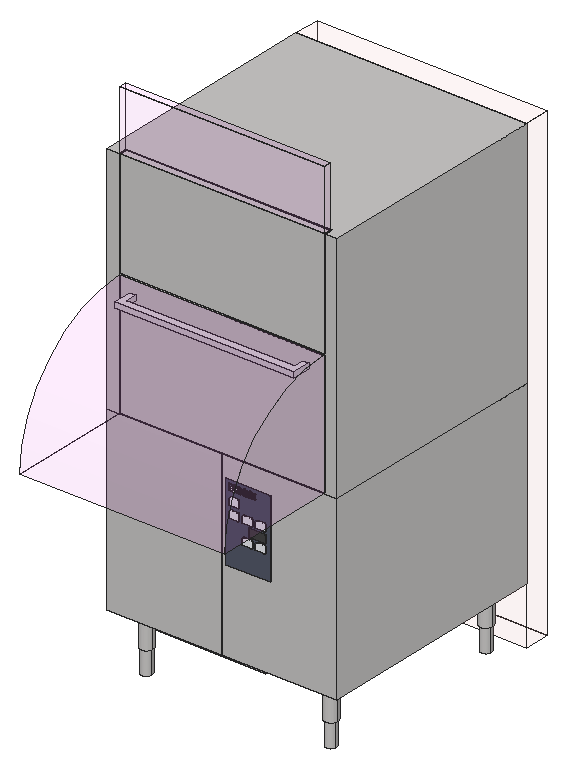
Revit family "QF_ELECTROLUXPROFESSIONAL_506048_EPPWESG", category Attrezzature speciali, Revit 2020
Family settings
  Quota connettore circolare = Usa diametro
  Tipo di parte = Normale
  Basato su piano di lavoro = No
  Sempre verticale = Sì
  Taglio con vuoti quando caricato = No
  Condiviso = No
  Punto di calcolo locali = No
Parameters (values of type "Standard")
  Weight = 200.00 kg
  Watts = 13000 W
  Volts = 400 V
  URL Manufacturer = "https://www.electroluxprofessional.com/"
  URL = "https://www.electroluxprofessional.com/"
  Steam Supply Size = 0 mm
  Steam Supply Minimum Pressure = 0.0 Pa
  Steam Supply Maximum Pressure = 0.0 Pa
  Steam Consumption per Hour = 0
  Show Logo [instance] = yes
  Show Clearance [instance] = yes
  Refrigeration Suction Line Size = 0 mm
  Refrigeration Liquid Line Size = 0 mm
  Refrigerant Compressor Remote = yes
  Prospetto di default = 0 mm
  Produttore = "Electrolux Professional"
  Phase = 3
  Modello = "EPPWESG"
  Length Actual = 876 mm  # constant formula
  Item Number = "506048"
  Hot Water Size = 19.05 mm
  Height Actual = 1791 mm  # constant formula
  HP = "17.4 HP"
  Gas Size = 0 mm
  Gas KW = 0
  Gas Input Pressure = 0 W
  Direct Waste Size = 20 mm
  Descrizione = "ELEC.POT&PAN WASHER+D.PUMP+DET-900MM"
  Depth Actual = 900 mm  # constant formula
  Cycle = 50 Hz
  Condensate Return Size = 0 mm
  Compressed Air Volume = 0.0 L/s
  Compressed Air Size = 0 mm
  Compressed Air Pressure = 0.0 Pa
  Cold Water Size = 19.05 mm
  Accessory = yes
Reference planes
  plane 1 "Center (Front/Back)": y = 0
  plane 2: z = 0
  plane 3: x = -63
  plane 4 "LEFT": x = -501
  plane 5: x = 375
  plane 6: y = -450
  plane 7 "BACK": y = 450
  plane 8: z = 220
  plane 9: z = 115
  plane 10: z = 1791
Forms (mm)
  Extrusion 1, solid, material "QF_Finishes_Stainless Steel"
    sketch origin (88.519, -3.5, 0) x (1, 0, 0) y (0, 1, 0)
      loop
        line (-534.519, -88.5) -> (-534.519, -308.5) -> (-94.519, -308.5) -> (-94.519, -88.5) -> (-534.519, -88.5)
    from 115 to 220
  Extrusion 2, solid, material "QF_Finishes_Stainless Steel"
    sketch origin (0, 0, 0) x (1, 0, 0) y (0, 1, 0)
      loop
        line (-501, 450) -> (-501, -450) -> (-63, -450) -> (-63, 450) -> (-501, 450)
    from 220 to 904
  Extrusion 3, solid, material "QF_Finishes_Stainless Steel"
    sketch origin (0, 0, 0) x (1, 0, 0) y (0, 1, 0)
      loop
        line (-63, 450) -> (-63, -450) -> (375, -450) -> (375, 450) -> (-63, 450)
    from 220 to 904
  Extrusion 4, solid, material "QF_Finishes_Stainless Steel"
    sketch origin (0, 0, 0) x (1, 0, 0) y (0, 1, 0)
      loop
        line (-501, 450) -> (-501, -450) -> (-453, -450) -> (-453, -418) -> (327, -418) -> (327, -450) -> (375, -450) -> (375, 450) -> (-501, 450)
    from 904 to 1791
  Extrusion 5, solid, material "QF_Finishes_Stainless Steel"
    sketch origin (0, 0, 0) x (1, 0, 0) y (0, 1, 0)
      loop
        line (-453, -450) -> (327, -450) -> (327, -420) -> (-453, -420) -> (-453, -450)
    from 909 to 1377.938
  Extrusion 6, solid, material "QF_Finishes_Stainless Steel"
    sketch origin (0, 0, 0) x (1, 0, 0) y (0, 1, 0)
      loop
        line (-453, -450) -> (327, -450) -> (327, -420) -> (-453, -420) -> (-453, -450)
    from 1384.114 to 1791
  Extrusion 7, solid, material "QF_Finishes_Door Clearance", visible <- "Show Clearance"
    sketch origin (-229, -650, 546.718) x (0, 1, 0) y (0, 0, -1)
      loop
        line (200, -357.282) -> (-274, -357.282)
        arc (-274, -357.282) -> (-135.169, -692.45) -> (200, -831.282) r 474
        line (200, -831.282) -> (200, -357.282)
    from 224 to -556
  Extrusion 8, solid, material "QF_Finishes_Door Clearance", visible <- "Show Clearance"
    sketch origin (-229, -650, 1221.218) x (0, 1, 0) y (0, 0, -1)
      loop
        line (200, -569.782) -> (200, -798.782) -> (230, -798.782) -> (230, -569.782) -> (200, -569.782)
    from 224 to -556
  Extrusion 9, solid, material "QF_Finishes_Clearance", visible <- "Show Clearance"
    sketch origin (0, 0, 0) x (1, 0, 0) y (0, 1, 0)
      loop
        line (-501, 450) -> (375, 450) -> (375, 550) -> (-501, 550) -> (-501, 450)
    from 0 to 1791
  Extrusion 10, solid, material "QF_Finishes_Stainless Steel"
    sketch origin (-756.159, 1152.464, 214.383) x (1, 0, 0) y (0, 1, 0)
      loop
        circle (701.159, -772.464) r 10
    from -9.383 to 5.617
  Extrusion 11, solid, material "QF_Finishes_Stainless Steel"
    sketch origin (207.404, -238.023, 218) x (0, -1, 0) y (1, 0, 0)
      loop
        line (-163.023, 6.596) -> (-163.023, 26.596) -> (-183.023, 26.596) -> (-183.023, 6.596) -> (-163.023, 6.596)
    from 0 to 2
  Extrusion 12, solid, material "QF_Finishes_Stainless Steel"
    sketch origin (-127.596, 216.977, 218) x (0, -1, 0) y (1, 0, 0)
      loop
        line (-163.023, 6.596) -> (-163.023, 26.596) -> (-183.023, 26.596) -> (-183.023, 6.596) -> (-163.023, 6.596)
    from 0 to 2
  Extrusion 13, solid, material "QF_Finishes_Stainless Steel"
    sketch origin (-526.159, 606.464, 214.383) x (1, 0, 0) y (0, 1, 0)
      loop
        circle (701.159, -772.464) r 10
    from -9.383 to 5.617
  Extrusion 14, solid, material "QF_Finishes_Stainless Steel"
    sketch origin (-456.159, 516.464, 214.383) x (1, 0, 0) y (0, 1, 0)
      loop
        circle (701.159, -772.464) r 10
    from -9.383 to 5.617
Dimensions and locks
  equal spacing: plane 7 "BACK", plane 1 "Center (Front/Back)", plane 6
  plane 7 "BACK" to plane 6 = 900 mm  (x2)
  plane 4 "LEFT" to plane 5 = 876 mm
  equal spacing: Extrusion 2, Extrusion 4 sketch curve, Extrusion 4 sketch curve, Extrusion 4 sketch curve
  equal spacing: plane 5, plane 3, plane 4 "LEFT"
  plane 8 to level = 220 mm
  Extrusion 1 to Extrusion 1 = 220 mm
  Extrusion 1 to nested 2 to plane 6 = 59 mm, 79 mm
  Extrusion 9 to nested 1 to nested 2 = 83 mm, 738 mm
  plane 10 to level = 1791 mm
  Extrusion 8 to level = 2020 mm
  Extrusion 9 to Extrusion 7 = 1374 mm
  level to Extrusion 4 = 904 mm
  aligned and locked: level to plane 2
  aligned and locked: plane 8 to Extrusion 1
  aligned and locked: Extrusion 1 to plane 9
  aligned and locked: Extrusion 2 to plane 6
  aligned and locked: plane 7 "BACK" to Extrusion 2
  aligned and locked: Extrusion 2 to plane 4 "LEFT"
  aligned and locked: Extrusion 3 sketch curve to Extrusion 2  (x2)
  aligned and locked: plane 6 to Extrusion 3 sketch curve
  aligned and locked: Extrusion 3 sketch curve to plane 5
  aligned and locked: Extrusion 2 to plane 8
  aligned and locked: Extrusion 3 to plane 8
  aligned and locked: Extrusion 4 sketch curve to Extrusion 2  (x2)
  aligned and locked: Extrusion 5 sketch curve to plane 6
  aligned and locked: Extrusion 6 sketch curve to Extrusion 5  (x4)
  aligned and locked: Extrusion 6 to Extrusion 8 sketch curve
  aligned and locked: Extrusion 8 to Extrusion 6  (x2)
Automatic sketch dimensions
  plane 4 "LEFT" to Extrusion 1 sketch curve = 55 mm
  plane 3 to Extrusion 1 sketch curve = 57 mm
  plane 6 to Extrusion 1 sketch curve = 138 mm
  plane 1 "Center (Front/Back)" to Extrusion 1 sketch curve = 92 mm
  Extrusion 2 sketch curve to plane 4 "LEFT" = 0 mm
  Extrusion 2 sketch curve to plane 3 = 0 mm
  Extrusion 2 sketch curve to plane 6 = 0 mm
  Extrusion 2 sketch curve to plane 7 "BACK" = 0 mm
  Extrusion 4 sketch curve to plane 6 = 0 mm  (x2)
  Extrusion 4 sketch curve to plane 5 = 0 mm
  plane 4 "LEFT" to Extrusion 4 sketch curve = 48 mm
  Extrusion 4 sketch curve to Extrusion 4 sketch curve = 48 mm
  Extrusion 4 sketch curve to Extrusion 4 sketch curve = 32 mm
  plane 4 "LEFT" to Extrusion 5 sketch curve = 48 mm
  Extrusion 5 sketch curve to plane 5 = 48 mm
  Extrusion 5 sketch curve to Extrusion 5 sketch curve = 30 mm
  Extrusion 7 sketch curve to plane 6 = 0 mm
  Extrusion 7 sketch curve to plane 6 = 474 mm
  plane 10 to Extrusion 7 sketch curve = 413 mm
  Extrusion 8 sketch curve to plane 6 = 0 mm
  plane 10 to Extrusion 8 sketch curve = 0 mm
  Extrusion 8 sketch curve to Extrusion 8 sketch curve = 229 mm
  Extrusion 9 sketch curve to plane 4 "LEFT" = 0 mm
  Extrusion 9 sketch curve to plane 5 = 0 mm
  Extrusion 9 sketch curve to plane 7 "BACK" = 0 mm
  Extrusion 9 sketch curve to Extrusion 9 sketch curve = 100 mm
  Extrusion 10 sketch curve to plane 5 = 430 mm
  Extrusion 10 sketch curve to plane 7 "BACK" = 70 mm
  Extrusion 11 sketch curve to plane 7 "BACK" = 505 mm
  Extrusion 11 sketch curve to Extrusion 11 sketch curve = 20 mm  (x2)
  Extrusion 11 sketch curve to plane 5 = 161 mm
  Extrusion 12 sketch curve to plane 1 "Center (Front/Back)" = 400 mm
  Extrusion 12 sketch curve to Extrusion 12 sketch curve = 20 mm  (x2)
  Extrusion 12 sketch curve to plane 5 = 496 mm
  Extrusion 13 sketch curve to plane 5 = 200 mm
  Extrusion 13 sketch curve to plane 7 "BACK" = 616 mm
  Extrusion 14 sketch curve to plane 5 = 130 mm
  Extrusion 14 sketch curve to plane 7 "BACK" = 706 mm
  radius of Extrusion 10 sketch curve = 10 mm
  radius of Extrusion 13 sketch curve = 10 mm
  radius of Extrusion 14 sketch curve = 10 mm
Nested families
  nested 1: "Piedino H220 - DISHWASHING" at (288, 367, 0), type "Piedino H220 - DISHWASHING"
    with H 200 mm
  nested 2: "Piedino H220 - DISHWASHING" at (288, -371, 0), type "Piedino H220 - DISHWASHING"
    with H 200 mm
  nested 3: "Piedino H220 - DISHWASHING" at (-414, 367, 0) x (-1, 0, 0) z (0, 0, 1), type "Piedino H220 - DISHWASHING"
    with H 200 mm
  nested 4: "Piedino H220 - DISHWASHING" at (-414, -371, 0) x (-1, 0, 0) z (0, 0, 1), type "Piedino H220 - DISHWASHING"
    with H 200 mm
  nested 5: "MANIGLIA_DISHWASHING_SQUARE" at (-73, -450, 1321) x (1, 0, 0) z (0, -1, 0), type "MANIGLIA_DISHWASHING_SQUARE"
  nested 6: "Tastierino_LARGE_ROUNCORNER_DISHWASHING_BLUE" at (37, -450, 680) x (-1, 0, 0) z (0, -1, 0), type "Tastierino_LARGE_ROUNCORNER_DISHWASHING_BLUE"
    with Show Logo yes
  nested 7: "ELX_LOGO_MONO_SMALL_WHITE" at (-34.92, -450.8, 755) x (-1, 0, 0) z (0, -1, 0), type "ELX_LOGO_MONO_SMALL_WHITE"
    with Show Logo yes
  nested 8: "ELX_LOGO_WORDS_WHITE" at (27, -450.8, 804.211) x (1, 0, 0) z (0, -1, 0), type "ELX_LOGO_WORDS_WHITE"
    with Show Logo yes
Connectors
  piping at (-55, 380, 205), diameter 12.9
    settings: on Extrusion 10, index 48, connector inside diameter 609.6 mm, connector length 0 mm, flow factor 0, pipe flow 0.0 L/s, pressure drop 0.0 Pa, fitting loss kfactor 0, connector angle 0.00°, fixture units 0, engagement length 0 mm, angle of deflection 0.00°, flow configuration 0, flow direction 0, fitting loss method 0, system type 29, joint type 0, gender type 0, connector reference index -1, connector utility 0, adjustable connector no, is connector primary yes, connector description "D"
  electrical at (224, -65, 218)
    settings: on Extrusion 11, index 49, voltage 0 V, apparent load 0 VA, apparent load phase1 0 VA, apparent load phase2 0 VA, apparent load phase3 0 VA, power factor 1, load classification "Altro", number of poles 1, system type 30, power factor state 1, is connector primary yes, connector utility no, sub classification motor no, connector description "EI"
  electrical at (-111, 390, 218)
    settings: on Extrusion 12, index 50, voltage 0 V, apparent load 0 VA, apparent load phase1 0 VA, apparent load phase2 0 VA, apparent load phase3 0 VA, power factor 1, load classification "Altro", number of poles 1, system type 30, power factor state 1, is connector primary no, connector utility no, sub classification motor no, connector description "EQ"
  piping at (175, -166, 205), diameter 12.9
    settings: on Extrusion 13, index 51, connector inside diameter 609.6 mm, connector length 0 mm, flow factor 0, pipe flow 0.0 L/s, pressure drop 0.0 Pa, fitting loss kfactor 0, connector angle 0.00°, fixture units 0, engagement length 0 mm, angle of deflection 0.00°, flow configuration 0, flow direction 0, fitting loss method 0, system type 29, joint type 0, gender type 0, connector reference index -1, connector utility 0, adjustable connector no, is connector primary no, connector description "HWI"
  piping at (245, -256, 205), diameter 12.9
    settings: on Extrusion 14, index 52, connector inside diameter 609.6 mm, connector length 0 mm, flow factor 0, pipe flow 0.0 L/s, pressure drop 0.0 Pa, fitting loss kfactor 0, connector angle 0.00°, fixture units 0, engagement length 0 mm, angle of deflection 0.00°, flow configuration 0, flow direction 0, fitting loss method 0, system type 29, joint type 0, gender type 0, connector reference index -1, connector utility 0, adjustable connector no, is connector primary no, connector description "XD/XR"
Definition of nested family "Piedino H220 - DISHWASHING"
  Parameters (values of type "Piedino H220 - DISHWASHING")
    Default Elevation = 0 mm
    H [instance] = 200 mm
  Reference planes
    plane 1 "Centro (Fronte/Retro)": y = 0
    plane 2: z = 0
    plane 3 "Centro (Sinistra/Destra)": x = 0
    plane 4: z = 70.047
  Forms (mm)
    Revolve 1, solid
      sketch origin (55, 0, 0) x (-1, 0, 0) y (0, 0, -1)
        loop
          line (35, 0) -> (35, -90) -> (30, -90) -> (30, -220) -> (55, -220) -> (55, 0) -> (35, 0)
        axis (55, 0) -> (55, -220)
      angle from 0 to 360
  Dimensions and locks
    aligned and locked: level to plane 2
Definition of nested family "MANIGLIA_DISHWASHING_SQUARE"
  Parameters
    Default Elevation = 1219.2 mm
  Reference planes
    plane 1 "Centro (Fronte/Retro)": y = 0
    plane 2: z = 0
    plane 3 "Centro (Sinistra/Destra)": x = 0
    plane 4: z = 72
    plane 5: x = -340
    plane 6: x = 340
  Forms (mm)
    Extrusion 1, solid
      sketch origin (0, 0, 0) x (1, 0, 0) y (0, 1, 0)
        loop
          line (-1219.2, 1219.2) -> (-1219.2, -1219.2) -> (1219.2, -1219.2) -> (1219.2, 1219.2) -> (-1219.2, 1219.2)
      from 0 to -304.8
    Extrusion 2, solid
      sketch origin (0, 10.003, 0) x (1, 0, 0) y (0, 0, 1)
        loop
          line (-340, 0) -> (-320, 0) -> (-320, 42) -> (320, 42) -> (320, 0) -> (340, 0) -> (340, 72) -> (-340, 72) -> (-340, 0)
      from 0 to 20.005
  Dimensions and locks
    aligned and locked: plane 2 to Extrusion 1
    aligned and locked: level to Extrusion 1
Definition of nested family "Tastierino_LARGE_ROUNCORNER_DISHWASHING_BLUE"
  Parameters
    Show Logo [instance] = yes
    Default Elevation = 1219.2 mm
  Reference planes
    plane 1 "Centro (Fronte/Retro)": y = 0
    plane 2: z = 0
    plane 3 "Centro (Sinistra/Destra)": x = 0
  Forms (mm)
    Extrusion 1, solid
      sketch origin (0, 0, 0) x (1, 0, 0) y (0, 1, 0)
        loop
          line (-1219.2, 1219.2) -> (-1219.2, -1219.2) -> (1219.2, -1219.2) -> (1219.2, 1219.2) -> (-1219.2, 1219.2)
      from 0 to -304.8
    Extrusion 2, solid
      sketch origin (0, 0, 0) x (1, 0, 0) y (0, 1, 0)
        loop
          line (-84.444, 147.62) -> (-84.444, -147.62) -> (84.444, -147.62) -> (84.444, 147.62) -> (-84.444, 147.62)
        loop
          arc (-63.183, 58.723) -> (-64.598, 58.137) -> (-65.183, 56.723) r 2
          line (-65.183, 56.723) -> (-65.183, 30.723)
          arc (-65.183, 30.723) -> (-64.598, 29.308) -> (-63.183, 28.723) r 2
          line (-63.183, 28.723) -> (-40.183, 28.723)
          arc (-40.183, 28.723) -> (-29.577, 33.116) -> (-25.183, 43.723) r 15
          line (-25.183, 43.723) -> (-25.183, 56.723)
          arc (-25.183, 56.723) -> (-25.769, 58.137) -> (-27.183, 58.723) r 2
          line (-27.183, 58.723) -> (-63.183, 58.723)
        loop
          line (-65.183, 22.208) -> (-65.183, -7.792) -> (0, -7.792) -> (0, 22.208) -> (-65.183, 22.208)
        loop
          arc (-13.183, 58.723) -> (-14.598, 58.137) -> (-15.183, 56.723) r 2
          line (-15.183, 56.723) -> (-15.183, 30.723)
          arc (-15.183, 30.723) -> (-14.598, 29.308) -> (-13.183, 28.723) r 2
          line (-13.183, 28.723) -> (9.817, 28.723)
          arc (9.817, 28.723) -> (20.423, 33.116) -> (24.817, 43.723) r 15
          line (24.817, 43.723) -> (24.817, 56.723)
          arc (24.817, 56.723) -> (24.231, 58.137) -> (22.817, 58.723) r 2
          line (22.817, 58.723) -> (-13.183, 58.723)
        loop
          arc (-63.183, -16.277) -> (-64.598, -16.863) -> (-65.183, -18.277) r 2
          line (-65.183, -18.277) -> (-65.183, -44.277)
          arc (-65.183, -44.277) -> (-64.598, -45.692) -> (-63.183, -46.277) r 2
          line (-63.183, -46.277) -> (-40.183, -46.277)
          arc (-40.183, -46.277) -> (-29.577, -41.884) -> (-25.183, -31.277) r 15
          line (-25.183, -31.277) -> (-25.183, -18.277)
          arc (-25.183, -18.277) -> (-25.769, -16.863) -> (-27.183, -16.277) r 2
          line (-27.183, -16.277) -> (-63.183, -16.277)
        loop
          arc (-13.183, -16.277) -> (-14.598, -16.863) -> (-15.183, -18.277) r 2
          line (-15.183, -18.277) -> (-15.183, -44.277)
          arc (-15.183, -44.277) -> (-14.598, -45.692) -> (-13.183, -46.277) r 2
          line (-13.183, -46.277) -> (9.817, -46.277)
          arc (9.817, -46.277) -> (20.423, -41.884) -> (24.817, -31.277) r 15
          line (24.817, -31.277) -> (24.817, -18.277)
          arc (24.817, -18.277) -> (24.231, -16.863) -> (22.817, -16.277) r 2
          line (22.817, -16.277) -> (-13.183, -16.277)
        loop
          arc (36.817, -16.277) -> (35.402, -16.863) -> (34.817, -18.277) r 2
          line (34.817, -18.277) -> (34.817, -44.277)
          arc (34.817, -44.277) -> (35.402, -45.692) -> (36.817, -46.277) r 2
          line (36.817, -46.277) -> (59.817, -46.277)
          arc (59.817, -46.277) -> (70.423, -41.884) -> (74.817, -31.277) r 15
          line (74.817, -31.277) -> (74.817, -18.277)
          arc (74.817, -18.277) -> (74.231, -16.863) -> (72.817, -16.277) r 2
          line (72.817, -16.277) -> (36.817, -16.277)
        loop
          arc (36.817, -61.277) -> (35.402, -61.863) -> (34.817, -63.277) r 2
          line (34.817, -63.277) -> (34.817, -89.277)
          arc (34.817, -89.277) -> (35.402, -90.692) -> (36.817, -91.277) r 2
          line (36.817, -91.277) -> (59.817, -91.277)
          arc (59.817, -91.277) -> (70.423, -86.884) -> (74.817, -76.277) r 15
          line (74.817, -76.277) -> (74.817, -63.277)
          arc (74.817, -63.277) -> (74.231, -61.863) -> (72.817, -61.277) r 2
          line (72.817, -61.277) -> (36.817, -61.277)
      from 0 to 0.8
    Extrusion 3, solid
      sketch origin (0, 0, 0) x (1, 0, 0) y (0, 1, 0)
        loop
          line (-65.183, 22.208) -> (-65.183, -7.792) -> (0, -7.792) -> (0, 22.208) -> (-65.183, 22.208)
      from 0 to 0.8
    Extrusion 4, solid
      sketch origin (0, 0, 0) x (1, 0, 0) y (0, 1, 0)
        loop
          arc (-63.183, 58.723) -> (-64.598, 58.137) -> (-65.183, 56.723) r 2
          line (-65.183, 56.723) -> (-65.183, 30.723)
          arc (-65.183, 30.723) -> (-64.598, 29.308) -> (-63.183, 28.723) r 2
          line (-63.183, 28.723) -> (-40.183, 28.723)
          arc (-40.183, 28.723) -> (-29.577, 33.116) -> (-25.183, 43.723) r 15
          line (-25.183, 43.723) -> (-25.183, 56.723)
          arc (-25.183, 56.723) -> (-25.769, 58.137) -> (-27.183, 58.723) r 2
          line (-27.183, 58.723) -> (-63.183, 58.723)
        loop
          arc (-13.183, 58.723) -> (-14.598, 58.137) -> (-15.183, 56.723) r 2
          line (-15.183, 56.723) -> (-15.183, 30.723)
          arc (-15.183, 30.723) -> (-14.598, 29.308) -> (-13.183, 28.723) r 2
          line (-13.183, 28.723) -> (9.817, 28.723)
          arc (9.817, 28.723) -> (20.423, 33.116) -> (24.817, 43.723) r 15
          line (24.817, 43.723) -> (24.817, 56.723)
          arc (24.817, 56.723) -> (24.231, 58.137) -> (22.817, 58.723) r 2
          line (22.817, 58.723) -> (-13.183, 58.723)
        loop
          arc (-63.183, -16.277) -> (-64.598, -16.863) -> (-65.183, -18.277) r 2
          line (-65.183, -18.277) -> (-65.183, -44.277)
          arc (-65.183, -44.277) -> (-64.598, -45.692) -> (-63.183, -46.277) r 2
          line (-63.183, -46.277) -> (-40.183, -46.277)
          arc (-40.183, -46.277) -> (-29.577, -41.884) -> (-25.183, -31.277) r 15
          line (-25.183, -31.277) -> (-25.183, -18.277)
          arc (-25.183, -18.277) -> (-25.769, -16.863) -> (-27.183, -16.277) r 2
          line (-27.183, -16.277) -> (-63.183, -16.277)
        loop
          arc (-13.183, -16.277) -> (-14.598, -16.863) -> (-15.183, -18.277) r 2
          line (-15.183, -18.277) -> (-15.183, -44.277)
          arc (-15.183, -44.277) -> (-14.598, -45.692) -> (-13.183, -46.277) r 2
          line (-13.183, -46.277) -> (9.817, -46.277)
          arc (9.817, -46.277) -> (20.423, -41.884) -> (24.817, -31.277) r 15
          line (24.817, -31.277) -> (24.817, -18.277)
          arc (24.817, -18.277) -> (24.231, -16.863) -> (22.817, -16.277) r 2
          line (22.817, -16.277) -> (-13.183, -16.277)
        loop
          arc (36.817, -16.277) -> (35.402, -16.863) -> (34.817, -18.277) r 2
          line (34.817, -18.277) -> (34.817, -44.277)
          arc (34.817, -44.277) -> (35.402, -45.692) -> (36.817, -46.277) r 2
          line (36.817, -46.277) -> (59.817, -46.277)
          arc (59.817, -46.277) -> (70.423, -41.884) -> (74.817, -31.277) r 15
          line (74.817, -31.277) -> (74.817, -18.277)
          arc (74.817, -18.277) -> (74.231, -16.863) -> (72.817, -16.277) r 2
          line (72.817, -16.277) -> (36.817, -16.277)
        loop
          arc (36.817, -61.277) -> (35.402, -61.863) -> (34.817, -63.277) r 2
          line (34.817, -63.277) -> (34.817, -89.277)
          arc (34.817, -89.277) -> (35.402, -90.692) -> (36.817, -91.277) r 2
          line (36.817, -91.277) -> (59.817, -91.277)
          arc (59.817, -91.277) -> (70.423, -86.884) -> (74.817, -76.277) r 15
          line (74.817, -76.277) -> (74.817, -63.277)
          arc (74.817, -63.277) -> (74.231, -61.863) -> (72.817, -61.277) r 2
          line (72.817, -61.277) -> (36.817, -61.277)
      from 0 to 0.8
  Dimensions and locks
    aligned and locked: plane 2 to Extrusion 1
    aligned and locked: level to Extrusion 1
Definition of nested family "ELX_LOGO_MONO_SMALL_WHITE"
  Parameters (values of type "ELX_LOGO_MONO_SMALL_WHITE")
    Show Logo [instance] = yes
    Default Elevation = 1219.2 mm
  Reference planes
    plane 1 "Center (Front/Back)": y = -49
    plane 2: z = 0
    plane 3 "Center (Left/Right)": x = -9.92
  Forms (mm)
    Extrusion 1, solid
      sketch origin (0, 0, 0) x (1, 0, 0) y (0, 1, 0)
        loop
          line (-1219.2, 1219.2) -> (-1219.2, -1219.2) -> (1219.2, -1219.2) -> (1219.2, 1219.2) -> (-1219.2, 1219.2)
      from 0 to -304.8
    Extrusion 2, solid, visible <- "Show Logo"
      sketch origin (84.462, 509.781, 0) x (1, 0, 0) y (0, 1, 0)
        loop
          line (-97.736, -569.727) -> (-97.736, -547.891)
          arc (-97.736, -547.891) -> (-105.808, -558.809) -> (-97.736, -569.727) r 11.42
        loop
          arc (-96.625, -569.727) -> (-87.544, -567.663) -> (-83.169, -559.442) r 11.191
          line (-83.169, -559.442) -> (-86.782, -559.442)
          arc (-86.782, -559.442) -> (-93.235, -562.062) -> (-96.625, -568.146) r 10.49
          line (-96.625, -568.146) -> (-96.625, -569.727)
        loop
          arc (-96.625, -549.472) -> (-93.235, -555.557) -> (-86.782, -558.176) r 10.49
          line (-86.782, -558.176) -> (-83.169, -558.176)
          arc (-83.169, -558.176) -> (-87.537, -549.888) -> (-96.625, -547.611) r 11.484
          line (-96.625, -547.611) -> (-96.625, -549.472)
        loop
          line (-82.34, -570.919) -> (-82.34, -546.65) -> (-106.642, -546.65) -> (-106.642, -570.919) -> (-82.34, -570.919)
      from 0 to 1.644
  Dimensions and locks
    aligned and locked: plane 2 to Extrusion 1
    aligned and locked: level to Extrusion 1
Definition of nested family "ELX_LOGO_WORDS_WHITE"
  Parameters (values of type "ELX_LOGO_WORDS_WHITE")
    Show Logo [instance] = yes
    Default Elevation = 0 mm
  Reference planes
    plane 1 "Centro (Fronte/Retro)": y = 0
    plane 2: z = 0
    plane 3 "Centro (Sinistra/Destra)": x = 0
  Forms (mm)
    Extrusion 1, solid
      sketch origin (0, 0, 0) x (1, 0, 0) y (0, 1, 0)
        loop
          line (-1219.2, 1219.2) -> (-1219.2, -1219.2) -> (1219.2, -1219.2) -> (1219.2, 1219.2) -> (-1219.2, 1219.2)
      from 0 to -304.8
    Extrusion 2, solid, visible <- "Show Logo"
      sketch origin (0, 0, 0) x (1, 0, 0) y (0, 1, 0)
        loop
          line (-30.234, 10.561) -> (-37.67, 10.561) -> (-37.67, 1.902)
          arc (-37.67, 1.902) -> (-36.691, -0.461) -> (-34.329, -1.439) r 3.341
          line (-34.329, -1.439) -> (-30.09, -1.439) -> (-30.09, 0.503) -> (-33.845, 0.503)
          arc (-33.845, 0.503) -> (-35.079, 0.92) -> (-35.604, 2.112) r 1.615
          line (-35.604, 2.112) -> (-35.604, 3.829) -> (-30.555, 3.829) -> (-30.555, 5.779) -> (-35.604, 5.779) -> (-35.604, 8.617) -> (-30.234, 8.617) -> (-30.234, 10.561)
        loop
          line (-28.622, 10.561) -> (-28.622, -1.439) -> (-26.555, -1.439) -> (-26.555, 10.561) -> (-28.622, 10.561)
        loop
          line (16.27, 10.561) -> (16.27, -1.439) -> (18.338, -1.439) -> (18.338, 10.561) -> (16.27, 10.561)
        loop
          line (-23.137, 2.393) -> (-16.354, 2.393)
          arc (-16.354, 2.393) -> (-17.415, 6.119) -> (-21.043, 7.478) r 4.298
          arc (-21.043, 7.478) -> (-24.239, 5.857) -> (-25.151, 2.393) r 4.373
          arc (-25.151, 2.393) -> (-23.951, -0.505) -> (-21.053, -1.705) r 4.097
          arc (-21.053, -1.705) -> (-18.799, -1.372) -> (-16.908, -0.099) r 5.15
          line (-16.908, -0.099) -> (-18.133, 1.125)
          arc (-18.133, 1.125) -> (-19.74, 0.161) -> (-21.607, 0.323) r 3.039
          arc (-21.607, 0.323) -> (-22.746, 1.081) -> (-23.137, 2.393) r 2.013
        loop
          line (-23.085, 3.846) -> (-18.431, 3.846)
          arc (-18.431, 3.846) -> (-19.084, 5.22) -> (-20.519, 5.727) r 1.983
          arc (-20.519, 5.727) -> (-22.175, 5.295) -> (-23.085, 3.846) r 2.321
        loop
          line (-8.297, 4.711) -> (-6.999, 6.009)
          arc (-6.999, 6.009) -> (-8.627, 7.187) -> (-10.604, 7.539) r 4.497
          arc (-10.604, 7.539) -> (-13.621, 6.437) -> (-15.204, 3.642) r 4.652
          arc (-15.204, 3.642) -> (-12.536, -1.257) -> (-7.072, -0.127) r 4.684
          line (-7.072, -0.127) -> (-8.363, 1.163)
          arc (-8.363, 1.163) -> (-11.149, 0.242) -> (-13.145, 2.393) r 2.714
          arc (-13.145, 2.393) -> (-13.006, 4.094) -> (-11.835, 5.335) r 2.578
          arc (-11.835, 5.335) -> (-9.96, 5.621) -> (-8.297, 4.711) r 2.961
        loop
          line (-5.73, 10.561) -> (-5.73, 2.36)
          arc (-5.73, 2.36) -> (-5.551, 1.13) -> (-5.09, -0.025) r 5.301
          arc (-5.09, -0.025) -> (-3.615, -1.198) -> (-1.746, -1.445) r 3.531
          line (-1.746, -1.445) -> (-1.746, 0.492)
          arc (-1.746, 0.492) -> (-2.302, 0.534) -> (-2.82, 0.74) r 1.862
          arc (-2.82, 0.74) -> (-3.484, 1.442) -> (-3.662, 2.393) r 1.713
          line (-3.662, 2.393) -> (-3.662, 5.362) -> (-1.785, 5.362) -> (-1.785, 7.24) -> (-3.662, 7.24) -> (-3.662, 10.561) -> (-5.73, 10.561)
        loop
          arc (2.004, 3.123) -> (2.152, 3.988) -> (2.578, 4.755) r 2.607
          arc (2.578, 4.755) -> (3.817, 5.391) -> (5.208, 5.362) r 2.84
          line (5.208, 5.362) -> (5.208, 7.349)
          arc (5.208, 7.349) -> (3.39, 7.177) -> (2.004, 5.989) r 3.016
          line (2.004, 5.989) -> (2.004, 7.24) -> (-0.046, 7.24) -> (-0.046, -1.439) -> (2.004, -1.439) -> (2.004, 3.123)
        loop
          circle (10.262, 2.899) r 4.599
        loop
          circle (10.262, 2.899) r 2.787
        loop
          arc (25.793, 2.175) -> (25.283, 0.772) -> (23.898, 0.213) r 1.835
          arc (23.898, 0.213) -> (22.514, 0.772) -> (22.004, 2.175) r 1.835
          line (22.004, 2.175) -> (22.004, 7.24) -> (19.919, 7.24) -> (19.919, 2.003)
          arc (19.919, 2.003) -> (21.105, -0.701) -> (23.898, -1.659) r 3.675
          arc (23.898, -1.659) -> (26.723, -0.672) -> (27.877, 2.088) r 3.675
          line (27.877, 2.088) -> (27.877, 7.24) -> (25.793, 7.24) -> (25.793, 2.175)
        loop
          line (29.126, 7.24) -> (32.128, 3.164) -> (28.83, -1.442) -> (31.052, -1.442) -> (33.241, 1.615) -> (35.462, -1.442) -> (37.67, -1.442) -> (34.419, 3.211) -> (37.392, 7.24) -> (35.135, 7.24) -> (33.234, 4.663) -> (31.362, 7.24) -> (29.126, 7.24)
        loop
          line (-35.875, -6.414) -> (-37.523, -6.414) -> (-37.523, -10.564) -> (-36.621, -10.564) -> (-36.621, -9.135) -> (-35.625, -9.135)
          arc (-35.625, -9.135) -> (-34.509, -7.66) -> (-35.875, -6.414) r 1.372
        loop
          arc (-35.664, -8.32) -> (-35.322, -7.786) -> (-35.664, -7.253) r 0.587
          line (-35.664, -7.253) -> (-36.621, -7.253) -> (-36.621, -8.32) -> (-35.664, -8.32)
        loop
          line (-29.363, -6.414) -> (-31.04, -6.414) -> (-31.04, -10.564) -> (-30.138, -10.564) -> (-30.138, -9.135) -> (-29.265, -9.135) -> (-28.669, -10.564) -> (-27.7, -10.564) -> (-28.516, -8.814)
          arc (-28.516, -8.814) -> (-28.125, -8.347) -> (-27.994, -7.752) r 1.281
          arc (-27.994, -7.752) -> (-28.406, -6.804) -> (-29.363, -6.414) r 1.37
        loop
          line (-30.138, -7.253) -> (-30.138, -8.32) -> (-29.18, -8.32)
          arc (-29.18, -8.32) -> (-28.839, -7.786) -> (-29.18, -7.253) r 0.587
          line (-29.18, -7.253) -> (-30.138, -7.253)
        loop
          circle (-22.402, -8.489) r 2.156
        loop
          circle (-22.402, -8.489) r 1.368
        loop
          line (-16.703, -6.414) -> (-16.703, -10.564) -> (-15.823, -10.564) -> (-15.823, -9.114) -> (-14.261, -9.114) -> (-14.261, -8.184) -> (-15.823, -8.184) -> (-15.823, -7.308) -> (-14.111, -7.308) -> (-14.111, -6.414) -> (-16.703, -6.414)
        loop
          line (-10.611, -6.414) -> (-10.611, -9.216)
          arc (-10.611, -9.216) -> (-10.229, -10.166) -> (-9.284, -10.561) r 1.327
          line (-9.284, -10.561) -> (-7.945, -10.561) -> (-7.945, -9.777) -> (-9.204, -9.777)
          arc (-9.204, -9.777) -> (-9.668, -9.394) -> (-9.759, -8.799) r 0.845
          line (-9.759, -8.799) -> (-8.1, -8.799) -> (-8.1, -8.015) -> (-9.759, -8.015) -> (-9.759, -7.198) -> (-7.985, -7.198) -> (-7.985, -6.414) -> (-10.611, -6.414)
        loop
          arc (4.417, -6.94) -> (3.867, -6.489) -> (3.171, -6.345) r 1.485
          arc (3.171, -6.345) -> (2.528, -6.503) -> (2, -6.902) r 1.645
          arc (2, -6.902) -> (1.902, -7.844) -> (2.51, -8.571) r 1.217
          arc (2.51, -8.571) -> (3.021, -8.741) -> (3.506, -8.976) r 4.201
          arc (3.506, -8.976) -> (3.812, -9.337) -> (3.601, -9.761) r 0.43
          arc (3.601, -9.761) -> (3.209, -9.853) -> (2.819, -9.754) r 0.846
          arc (2.819, -9.754) -> (2.482, -9.511) -> (2.275, -9.15) r 0.983
          line (2.275, -9.15) -> (1.549, -9.489)
          arc (1.549, -9.489) -> (1.811, -9.993) -> (2.232, -10.374) r 1.595
          arc (2.232, -10.374) -> (2.71, -10.578) -> (3.227, -10.63) r 1.719
          arc (3.227, -10.63) -> (3.867, -10.503) -> (4.442, -10.197) r 2.246
          arc (4.442, -10.197) -> (4.697, -9.52) -> (4.566, -8.81) r 1.349
          arc (4.566, -8.81) -> (4.282, -8.482) -> (3.919, -8.245) r 1.564
          arc (3.919, -8.245) -> (3.46, -8.04) -> (2.99, -7.864) r 8.236
          arc (2.99, -7.864) -> (2.718, -7.441) -> (3.111, -7.128) r 0.375
          arc (3.111, -7.128) -> (3.581, -7.241) -> (3.943, -7.563) r 0.998
          line (3.943, -7.563) -> (4.417, -6.94)
        loop
          line (8.225, -6.414) -> (8.225, -10.561) -> (9.077, -10.561) -> (9.077, -6.414) -> (8.225, -6.414)
        loop
          circle (14.827, -8.488) r 1.29
        loop
          circle (14.827, -8.488) r 2.154
        loop
          line (20.548, -10.561) -> (21.409, -10.561) -> (21.409, -7.954) -> (23.306, -10.561) -> (24.135, -10.561) -> (24.135, -6.414) -> (23.274, -6.414) -> (23.274, -9.101) -> (21.377, -6.414) -> (20.548, -6.414) -> (20.548, -10.561)
        loop
          line (28.435, -10.561) -> (28.839, -9.667) -> (30.373, -9.667) -> (30.777, -10.561) -> (31.693, -10.561) -> (29.942, -6.414) -> (29.142, -6.414) -> (27.519, -10.561) -> (28.435, -10.561)
        loop
          line (29.99, -8.816) -> (29.579, -7.905) -> (29.18, -8.816) -> (29.99, -8.816)
        loop
          line (35.929, -9.777) -> (35.929, -6.414) -> (35.076, -6.414) -> (35.076, -10.561) -> (37.523, -10.561) -> (37.523, -9.777) -> (35.929, -9.777)
        loop
          arc (-1.8, -6.94) -> (-2.35, -6.489) -> (-3.046, -6.345) r 1.485
          arc (-3.046, -6.345) -> (-3.689, -6.503) -> (-4.218, -6.902) r 1.645
          arc (-4.218, -6.902) -> (-4.316, -7.844) -> (-3.708, -8.571) r 1.217
          arc (-3.708, -8.571) -> (-3.197, -8.741) -> (-2.712, -8.976) r 4.201
          arc (-2.712, -8.976) -> (-2.405, -9.337) -> (-2.616, -9.761) r 0.43
          arc (-2.616, -9.761) -> (-3.008, -9.853) -> (-3.399, -9.754) r 0.846
          arc (-3.399, -9.754) -> (-3.736, -9.511) -> (-3.942, -9.15) r 0.983
          line (-3.942, -9.15) -> (-4.668, -9.489)
          arc (-4.668, -9.489) -> (-4.407, -9.993) -> (-3.985, -10.374) r 1.595
          arc (-3.985, -10.374) -> (-3.507, -10.578) -> (-2.99, -10.63) r 1.719
          arc (-2.99, -10.63) -> (-2.351, -10.503) -> (-1.775, -10.197) r 2.246
          arc (-1.775, -10.197) -> (-1.521, -9.52) -> (-1.652, -8.81) r 1.349
          arc (-1.652, -8.81) -> (-1.936, -8.482) -> (-2.298, -8.245) r 1.564
          arc (-2.298, -8.245) -> (-2.757, -8.04) -> (-3.228, -7.864) r 8.236
          arc (-3.228, -7.864) -> (-3.5, -7.441) -> (-3.107, -7.128) r 0.375
          arc (-3.107, -7.128) -> (-2.636, -7.241) -> (-2.274, -7.563) r 0.998
          line (-2.274, -7.563) -> (-1.8, -6.94)
      from 0 to 1.644
  Dimensions and locks
    aligned and locked: plane 2 to Extrusion 1
    aligned and locked: level to Extrusion 1
